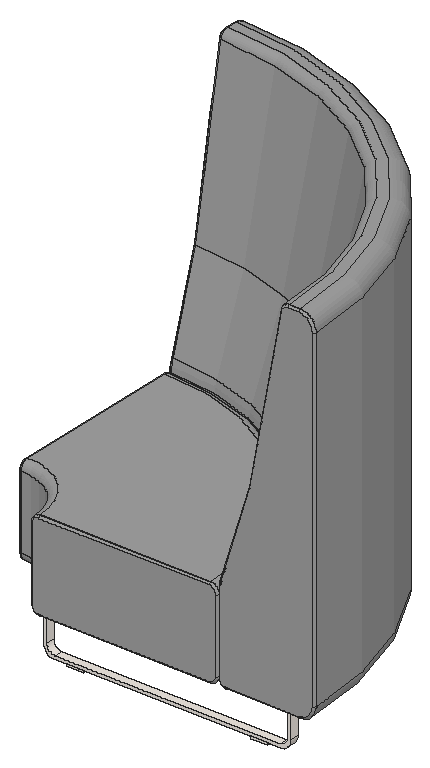
Revit family "Haworth_Riverbend_ConcaveBench90_AP_PRELIMINARY", category Furniture, Revit 2018
Family settings
  OmniClass Number = 23.40.70.14.64.21
  OmniClass Title = Systems Furniture
  Work Plane-Based = No
  Always vertical = Yes
  Cut with Voids When Loaded = No
  Shared = No
  Room Calculation Point = No
Parameters (values of type "1430w x 900d x 390h - High Back")
  Width Straight Edge = if(Small, 860 mm, 900 mm)  # 900 mm
  Warranty = "http://www.haworth.com/resources/product-info/warranties"
  URL - Product = "https://www.haworth.com/ap/en/products/sofas-armchairs/riverbend-pebble.html"
  Trim Finish = Haworth _ Paint _ Plaster
  Symbolic Line Controller = not(No Back)  # yes
  Small = not(Large)  # no
  Seat Upholstery Finish [instance] = Haworth _ Fabric _ Tellure _ Steel 3A-39
  No Back = no
  Mid Back = not(or(No Back, High Back))  # no
  Model = "SERICX90"  # constant formula
  Low = not(High)  # yes
  Large = yes
  High Back = yes
  High = no
  Description = "Haworth - Riverbend - Concave Bench - 90 Degree"  # constant formula
  URL = "https://www.haworth.com/ap/en.html"
  Size = "Verify Final Dim. w/ Haworth"  # constant formula
  Revision Number = "1"  # constant formula
  Manufacturer = "Haworth"  # constant formula
  Back Upholstery Finish [instance] = Haworth _ Fabric _ Tellure _ Steel 3A-39
  Author = "Haworth (Bentzen, Abd Rahman)"  # constant formula
  Assembly Code = "E2020200"
  Actual Width = 1430 mm  # constant formula
  Actual Height = if(Low, 390 mm, 450 mm)  # 390 mm
  Actual Depth = if(Small, 860 mm, 900 mm)  # 900 mm
Reference planes
  plane 1 "Center F/B": through (-202.604, -339.808, 0) normal (-0.7071, -0.7071, 0)
  plane 2 "Bottom": z = 0
  plane 3 "Center L/R": through (55.102, -293.435, 0) normal (0.7071, -0.7071, 0)
  plane 4 "Left": through (-1165.05, -503.938, 1219.2) normal (-0.7071, 0.7071, 0)
  plane 5 "Right": through (1245.903, -115.309, 1219.2) normal (0.7071, -0.7071, 0)
  plane 6 "Frame Back": through (-736.346, 786.631, 1219.2) normal (0.7071, 0.7071, 0)
  plane 7 "Chair Front": through (-1384.552, 177.6, 1219.2) normal (0.7071, 0.7071, 0)
  plane 8 "Top": z = 390
  plane 9 "Top - Bottom of Chamfer Edge": z = 383.65
  plane 10 "Frame Bottom": z = 116.95
  plane 11 "Bottom - Top of Chamfer Edge": z = 117.8
  plane 12 "Leg Bracket - Bottom": z = 177.8
  plane 13 "Leg Bottom - Top of Bottom": z = 15.875
  plane 14 "Foot - Top of Foot": z = 6.35
  plane 15 "Bench Frame - Inner Concave Tangent Edge No 1": y = -692.019
  plane 16 "Bench Frame - Inner Concave Tangent Edge No 2": x = -343.482
  plane 17 "Bench Frame - Outer Concave Tangent Edge No 1": y = 207.981
  plane 18 "Bench Frame - Outer Concave Tangent Edge No 2": x = 556.518
  plane 19 "Bench Frame - Center Side No 1": y = -242.019
  plane 20 "Bench Frame - Center Side No 2": x = 106.518
  plane 21 "Bench Frame - Straight Edge No 2": y = -869.819
  plane 22 "Bench Frame - Straight Edge No 1": x = -521.282
  plane 23 "Left Leg - Back of Leg Bracket": y = 101.334
  plane 24 "Center Leg - Back of Leg Bracket": through (-1397.206, 1382.59, 1219.2) normal (0.7071, 0.7071, 0)
  plane 25 "Right Leg - Back of Leg Bracket": x = 449.871
  plane 26 "Left Leg - Front of Leg Bracket": y = -647.169
  plane 27 "Right Leg - Front of Leg Bracket": x = -298.635
  plane 28 "Center Leg - Front of Leg Bracket": through (-84.793, -414.757, 1219.2) normal (0.7071, 0.7071, 0)
  plane 29: through (-1705.143, 496.713, 1219.2) normal (-0.7071, 0.7071, 0)
  plane 30 "Left - Top of Chamfer Edge": x = -514.932
  plane 31 "Right - Top of Chamfer Edge": y = -863.469
  plane 32 "Leg Left - Left of Leg Bracket": x = -481.694
  plane 33 "Right Left - Right of Leg Bracket": y = -830.231
  plane 34: through (127.455, -155.542, 1219.2) normal (0.7071, 0.7071, 0)
  plane 35: y = 41.009
  plane 36: y = 31.409
  plane 37: y = -19.391
  plane 38: y = 91.809
  plane 39: y = -526.441
  plane 40: y = -577.241
  plane 41: y = -586.841
  plane 42: y = -637.641
  plane 43: through (-77.752, -408.329, 1219.2) normal (-0.7071, -0.7071, 0)
  plane 44: through (-41.831, -372.408, 1219.2) normal (-0.7071, -0.7071, 0)
  plane 45: through (-35.042, -365.619, 1219.2) normal (-0.7071, -0.7071, 0)
  plane 46: through (0.879, -329.698, 1219.2) normal (-0.7071, -0.7071, 0)
  plane 47: through (72.615, -257.962, 1219.2) normal (-0.7071, -0.7071, 0)
  plane 48: through (108.536, -222.041, 1219.2) normal (-0.7071, -0.7071, 0)
  plane 49: through (115.324, -215.253, 1219.2) normal (-0.7071, -0.7071, 0)
  plane 50: x = -289.104
  plane 51: x = -238.304
  plane 52: x = -228.704
  plane 53: x = -177.904
  plane 54: x = 329.146
  plane 55: x = 379.946
  plane 56: x = 389.546
  plane 57: x = 440.346
  plane 58: x = -456.294
  plane 59: y = -804.831
  plane 60: through (157.98, -172.597, 1219.2) normal (-0.7071, 0.7071, 0)
  plane 61: through (175.94, -190.557, 1219.2) normal (-0.7071, 0.7071, 0)
  plane 62: x = -421.369
  plane 63: through (0.825, -415.064, 1219.2) normal (0.7071, -0.7071, 0)
  plane 64: y = -769.906
Lines and regions (mm)
  Masking region 1
    outline origin (0, 0, 390) x (-1, 0, 0) y (0, -1, 0)
      loop
        arc (501.282, 672.019) -> (375.558, 724.096) -> (323.482, 849.819) r 177.8
        line (323.482, 849.819) -> (-576.518, 849.819)
        arc (-576.518, 849.819) -> (-260.195, 88.343) -> (501.282, -227.978) r 1080
        line (501.282, -227.978) -> (501.282, 672.019)
  symbolic lines, style "Haworth", visible <- "Symbolic Line Controller"
    curve 1: arc (-501.282, -97.184, 390) -> (18.815, -322.636, 390) -> (227.16, -849.819, 390) r 740.638
Dimensions and locks
  "Actual Width": plane 4 "Left" to plane 5 "Right"
  locked: plane 8 "Top" to plane 9 "Top - Bottom of Chamfer Edge" at 6.35
  locked: plane 11 "Bottom - Top of Chamfer Edge" to plane 10 "Frame Bottom" at 0.85
  locked: plane 8 "Top" to plane 10 "Frame Bottom" at 273.05
  "Actual Height": plane 8 "Top" to plane 2 "Bottom"
  plane 8 "Top" to plane 2 "Bottom" = 390 mm
  "Width Straight Edge": plane 16 "Bench Frame - Inner Concave Tangent Edge No 2" to plane 18 "Bench Frame - Outer Concave Tangent Edge No 2"
  "Width Straight Edge": plane 17 "Bench Frame - Outer Concave Tangent Edge No 1" to plane 15 "Bench Frame - Inner Concave Tangent Edge No 1"
  equal spacing: plane 17 "Bench Frame - Outer Concave Tangent Edge No 1", plane 19 "Bench Frame - Center Side No 1", plane 15 "Bench Frame - Inner Concave Tangent Edge No 1"
  equal spacing: plane 16 "Bench Frame - Inner Concave Tangent Edge No 2", plane 20 "Bench Frame - Center Side No 2", plane 18 "Bench Frame - Outer Concave Tangent Edge No 2"
  plane 15 "Bench Frame - Inner Concave Tangent Edge No 1" to plane 21 "Bench Frame - Straight Edge No 2" = 177.8 mm
  plane 22 "Bench Frame - Straight Edge No 1" to plane 16 "Bench Frame - Inner Concave Tangent Edge No 2" = 177.8 mm
  plane 22 "Bench Frame - Straight Edge No 1" to plane 30 "Left - Top of Chamfer Edge" = 6.35 mm
  plane 31 "Right - Top of Chamfer Edge" to plane 21 "Bench Frame - Straight Edge No 2" = 6.35 mm
  plane 24 "Center Leg - Back of Leg Bracket" to plane 28 "Center Leg - Front of Leg Bracket" = 342.9 mm
  plane 16 "Bench Frame - Inner Concave Tangent Edge No 2" to plane 18 "Bench Frame - Outer Concave Tangent Edge No 2" = 900 mm
  radius of Masking region 1 sketch curve = 177.8 mm
  aligned and locked: nested 1 to level
  aligned and locked: plane 20 "Bench Frame - Center Side No 2" to nested 1
  aligned and locked: plane 19 "Bench Frame - Center Side No 1" to nested 1
  aligned and locked: plane 11 "Bottom - Top of Chamfer Edge" to nested 2
  aligned and locked: plane 11 "Bottom - Top of Chamfer Edge" to nested 4
  aligned and locked: plane 11 "Bottom - Top of Chamfer Edge" to nested 3
  aligned and locked: plane 20 "Bench Frame - Center Side No 2" to nested 3
  aligned and locked: plane 19 "Bench Frame - Center Side No 1" to nested 3
  aligned and locked: plane 19 "Bench Frame - Center Side No 1" to nested 2
  aligned and locked: plane 20 "Bench Frame - Center Side No 2" to nested 2
  aligned and locked: nested 4 to nested 3
  aligned and locked: plane 11 "Bottom - Top of Chamfer Edge" to nested 1
  aligned and locked: Masking region 1 sketch curve to nested 4
  aligned and locked: nested 3 to Masking region 1 sketch curve  (x2)
  aligned and locked: nested 3 to curve 1  (x2)
Automatic sketch dimensions
  Masking region 1 sketch curve to Masking region 1 sketch curve = 2.198 mm
  plane 17 "Bench Frame - Outer Concave Tangent Edge No 1" to Masking region 1 sketch curve = 19.998 mm
  curve 1 to plane 32 "Leg Left - Left of Leg Bracket" = 31.685 mm
  curve 1 to plane 33 "Right Left - Right of Leg Bracket" = 7.491 mm
  plane 54 to curve 1 = 101.986 mm
Nested families
  nested 1: "Haworth_Riverbend_ConcaveBench90_Base-PART" at (0, 0, 0), Trim Finish <- "Trim Finish", type "Base - PART"
    with Trim Finish Haworth _ Paint _ Plaster, Actual Height 390 mm
  nested 2: "Haworth_Riverbend_ConcaveBench90_Small_Seat-PART" at (20, 20, 0.85), Seat Upholstery Finish <- "Seat Upholstery Finish", Trim Finish <- "Trim Finish", Back Upholstery Finish <- "Back Upholstery Finish", visible <- "Small", type "Small Seat - PART"
    with Seat Upholstery Finish Haworth _ Fabric _ Tellure _ Steel 3A-39, Actual Height 390 mm
  nested 3: "Haworth_Riverbend_ConcaveBench90_Back-PART" at (20, 20, -66.35), Back Upholstery Finish <- "Back Upholstery Finish", type "Back - PART"
    with Back Upholstery Finish Haworth _ Fabric _ Tellure _ Steel 3A-39, Actual Height 390 mm, Actual Depth 900 mm
  nested 4: "Haworth_Riverbend_ConcaveBench90_Large_Seat-PART" at (20, 20, 0.85), visible <- "Large", Trim Finish <- "Trim Finish", Seat Upholstery Finish <- "Seat Upholstery Finish", Back Upholstery Finish <- "Back Upholstery Finish", type "Large Seat - PART"
    with Trim Finish Haworth _ Paint _ Plaster, Seat Upholstery Finish Haworth _ Fabric _ Tellure _ Steel 3A-39, Back Upholstery Finish Haworth _ Fabric _ Tellure _ Steel 3A-39, Symbolic Line Controller yes, No Back no, Mid Back no, Actual Height 390 mm
Definition of nested family "Haworth_Riverbend_ConcaveBench90_Base-PART"
  Parameters (values of type "Base - PART")
    Width Straight Edge = 900 mm
    Warranty = "http://www.haworth.com/resources/product-info/warranties"
    URL - Product = "http://www.haworth.com/products/seating/sofas/riverbend-pebble"
    Trim Finish [instance] = none
    Model = "Haworth - Riverbend"  # constant formula
    Description = "Haworth - Riverbend - Base - PART"  # constant formula
    URL = "http://www.haworth.com"
    Size = "Verify Final Dim. w/ Haworth"  # constant formula
    Revision Number = "1"  # constant formula
    Manufacturer = "Haworth"  # constant formula
    Author = "Haworth (Bentzen, Abd Rahman)"  # constant formula
    Assembly Code = "E2020200"
    Actual Width = 1430 mm  # constant formula
    Actual Height = 450 mm
    Actual Depth = 900 mm
  Reference planes
    plane 1 "Center F/B": through (-202.604, -339.808, 0) normal (-0.7071, -0.7071, 0)
    plane 2 "Bottom": z = 0
    plane 3 "Center L/R": through (55.102, -293.435, 0) normal (0.7071, -0.7071, 0)
    plane 4 "Left": through (-1165.05, -503.938, 1219.2) normal (-0.7071, 0.7071, 0)
    plane 5 "Right": through (1245.903, -115.309, 1219.2) normal (0.7071, -0.7071, 0)
    plane 6 "Frame Back": through (-736.346, 786.631, 1219.2) normal (0.7071, 0.7071, 0)
    plane 7 "Chair Front": through (-1384.552, 177.6, 1219.2) normal (0.7071, 0.7071, 0)
    plane 8 "Top": z = 450
    plane 9 "Frame Bottom": z = 176.95
    plane 10 "Bottom - Top of Chamfer Edge": z = 183.3
    plane 11 "Leg Bracket - Bottom": z = 177.8
    plane 12 "Leg Bottom - Top of Bottom": z = 15.875
    plane 13 "Foot - Top of Foot": z = 6.35
    plane 14 "Bench Frame - Inner Concave Tangent Edge No 1": y = -692.019
    plane 15 "Bench Frame - Inner Concave Tangent Edge No 2": x = -343.482
    plane 16 "Bench Frame - Outer Concave Tangent Edge No 1": y = 207.981
    plane 17 "Bench Frame - Outer Concave Tangent Edge No 2": x = 556.518
    plane 18 "Bench Frame - Center Side No 1": y = -242.019
    plane 19 "Bench Frame - Center Side No 2": x = 106.518
    plane 20 "Bench Frame - Straight Edge No 2": y = -869.819
    plane 21 "Bench Frame - Straight Edge No 1": x = -521.282
    plane 22 "Left Leg - Back of Leg Bracket": y = 101.334
    plane 23 "Center Leg - Back of Leg Bracket": through (-1397.206, 1382.59, 1219.2) normal (0.7071, 0.7071, 0)
    plane 24 "Right Leg - Back of Leg Bracket": x = 449.871
    plane 25 "Left Leg - Front of Leg Bracket": y = -647.169
    plane 26 "Right Leg - Front of Leg Bracket": x = -298.635
    plane 27 "Center Leg - Front of Leg Bracket": through (-84.793, -414.757, 1219.2) normal (0.7071, 0.7071, 0)
    plane 28: through (-1705.143, 496.713, 1219.2) normal (-0.7071, 0.7071, 0)
    plane 29 "Left - Top of Chamfer Edge": x = -514.932
    plane 30 "Right - Top of Chamfer Edge": y = -863.469
    plane 31 "Leg Left - Left of Leg Bracket": x = -481.694
    plane 32 "Right Left - Right of Leg Bracket": y = -830.231
    plane 33: through (127.455, -155.542, 1219.2) normal (0.7071, 0.7071, 0)
    plane 34: y = 41.009
    plane 35: y = 31.409
    plane 36: y = -19.391
    plane 37: y = 91.809
    plane 38: y = -526.441
    plane 39: y = -577.241
    plane 40: y = -586.841
    plane 41: y = -637.641
    plane 42: through (-77.752, -408.329, 1219.2) normal (-0.7071, -0.7071, 0)
    plane 43: through (-41.831, -372.408, 1219.2) normal (-0.7071, -0.7071, 0)
    plane 44: through (-35.042, -365.619, 1219.2) normal (-0.7071, -0.7071, 0)
    plane 45: through (0.879, -329.698, 1219.2) normal (-0.7071, -0.7071, 0)
    plane 46: through (72.615, -257.962, 1219.2) normal (-0.7071, -0.7071, 0)
    plane 47: through (108.536, -222.041, 1219.2) normal (-0.7071, -0.7071, 0)
    plane 48: through (115.324, -215.253, 1219.2) normal (-0.7071, -0.7071, 0)
    plane 49: x = -289.104
    plane 50: x = -238.304
    plane 51: x = -228.704
    plane 52: x = -177.904
    plane 53: x = 329.146
    plane 54: x = 379.946
    plane 55: x = 389.546
    plane 56: x = 440.346
    plane 57: x = -456.294
    plane 58: y = -804.831
    plane 59: through (157.98, -172.597, 1219.2) normal (-0.7071, 0.7071, 0)
    plane 60: through (175.94, -190.557, 1219.2) normal (-0.7071, 0.7071, 0)
    plane 61: x = -421.369
    plane 62: through (0.825, -415.064, 1219.2) normal (0.7071, -0.7071, 0)
    plane 63: y = -769.906
    plane 64: y = 146.181
    plane 65: y = -72.874
    plane 66: y = 146.181
  Forms (mm)
    Extrusion 1, solid, material <- "Trim Finish"
      sketch origin (-569.094, -257.88, 0) x (0, -1, 0) y (0, 0, -1)
        loop
          line (-359.214, -176.95) -> (-349.689, -176.95) -> (-349.689, -41.275)
          arc (-349.689, -41.275) -> (-342.25, -23.314) -> (-324.289, -15.875) r 25.4
          line (-324.289, -15.875) -> (354.361, -15.875)
          arc (354.361, -15.875) -> (372.321, -23.314) -> (379.761, -41.275) r 25.4
          line (379.761, -41.275) -> (379.761, -176.95) -> (389.289, -176.95) -> (389.289, -38.1)
          arc (389.289, -38.1) -> (379.99, -15.649) -> (357.539, -6.35) r 31.75
          line (357.539, -6.35) -> (-327.464, -6.35)
          arc (-327.464, -6.35) -> (-349.915, -15.649) -> (-359.214, -38.1) r 31.75
          line (-359.214, -38.1) -> (-359.214, -176.95)
      from 87.4 to 112.8
    Extrusion 2, solid, material <- "Trim Finish"
      sketch origin (-512.931, 953.569, 457.2) x (1, 0, 0) y (0, 1, 0)
        loop
          line (31.238, -922.16) -> (31.238, -972.96) -> (56.637, -972.96) -> (56.637, -922.16) -> (31.238, -922.16)
      from -457.2 to -450.85
    Extrusion 3, solid, material <- "Trim Finish"
      sketch origin (-512.931, 1011.597, 457.2) x (1, 0, 0) y (0, 1, 0)
        loop
          line (31.238, -1588.838) -> (56.637, -1588.838) -> (56.637, -1538.038) -> (31.238, -1538.038) -> (31.238, -1588.838)
      from -457.2 to -450.85
    Extrusion 4, solid, material <- "Trim Finish"
      sketch origin (-512.931, 953.569, 457.2) x (1, 0, 0) y (0, 1, 0)
        loop
          line (31.238, -852.235) -> (31.238, -912.56) -> (91.562, -912.56) -> (91.562, -852.235) -> (31.238, -852.235)
      from -279.4 to -280.25
    Extrusion 5, solid, material <- "Trim Finish"
      sketch origin (-512.931, 1518.647, 457.2) x (1, 0, 0) y (0, 1, 0)
        loop
          line (31.238, -2165.816) -> (91.562, -2165.816) -> (91.562, -2105.488) -> (31.238, -2105.488) -> (31.238, -2165.816)
      from -279.4 to -280.25
    Extrusion 6, solid, material <- "Trim Finish"
      sketch origin (90.657, -917.631, -0.85) x (-1, 0, 0) y (0, 0, 1)
        loop
          line (-359.214, 177.8) -> (-359.214, 38.95)
          arc (-359.214, 38.95) -> (-349.915, 16.499) -> (-327.464, 7.2) r 31.75
          line (-327.464, 7.2) -> (357.542, 7.2)
          arc (357.542, 7.2) -> (379.993, 16.499) -> (389.292, 38.95) r 31.75
          line (389.292, 38.95) -> (389.292, 177.8) -> (379.761, 177.8) -> (379.761, 42.125)
          arc (379.761, 42.125) -> (372.321, 24.164) -> (354.361, 16.725) r 25.4
          line (354.361, 16.725) -> (-324.289, 16.725)
          arc (-324.289, 16.725) -> (-342.25, 24.164) -> (-349.689, 42.125) r 25.4
          line (-349.689, 42.125) -> (-349.689, 177.8) -> (-359.214, 177.8)
      from 87.4 to 112.8
    Extrusion 7, solid, material <- "Trim Finish"
      sketch origin (1302.106, -861.469, 457.2) x (0, 1, 0) y (-1, 0, 0)
        loop
          line (31.238, 922.16) -> (56.637, 922.16) -> (56.637, 972.96) -> (31.238, 972.96) -> (31.238, 922.16)
      from -457.2 to -450.85
    Extrusion 8, solid, material <- "Trim Finish"
      sketch origin (1360.134, -861.469, 457.2) x (0, 1, 0) y (-1, 0, 0)
        loop
          line (31.238, 1588.838) -> (31.238, 1538.038) -> (56.637, 1538.038) -> (56.637, 1588.838) -> (31.238, 1588.838)
      from -457.2 to -450.85
    Extrusion 9, solid, material <- "Trim Finish"
      sketch origin (1302.106, -861.469, 457.2) x (0, 1, 0) y (-1, 0, 0)
        loop
          line (31.238, 852.235) -> (91.562, 852.235) -> (91.562, 912.56) -> (31.238, 912.56) -> (31.238, 852.235)
      from -279.4 to -280.25
    Extrusion 10, solid, material <- "Trim Finish"
      sketch origin (1867.184, -861.469, 457.2) x (0, 1, 0) y (-1, 0, 0)
        loop
          line (31.238, 2165.819) -> (31.238, 2105.488) -> (91.562, 2105.488) -> (91.562, 2165.819) -> (31.238, 2165.819)
      from -279.4 to -280.25
    Extrusion 11, solid, material <- "Trim Finish"
      sketch origin (128.979, -77.996, 0) x (-0.707107, -0.707107, 0) y (0, 0, -1)
        loop
          line (46.386, -176.95) -> (55.911, -176.95) -> (55.911, -41.275)
          arc (55.911, -41.275) -> (63.35, -23.314) -> (81.311, -15.875) r 25.4
          line (81.311, -15.875) -> (354.361, -15.875)
          arc (354.361, -15.875) -> (372.321, -23.314) -> (379.761, -41.275) r 25.4
          line (379.761, -41.275) -> (379.761, -176.95) -> (389.286, -176.95) -> (389.286, -38.1)
          arc (389.286, -38.1) -> (379.987, -15.649) -> (357.536, -6.35) r 31.75
          line (357.536, -6.35) -> (78.136, -6.35)
          arc (78.136, -6.35) -> (55.685, -15.649) -> (46.386, -38.1) r 31.75
          line (46.386, -38.1) -> (46.386, -176.95)
      from 87.4 to 112.8
    Extrusion 12, solid, material <- "Trim Finish"
      sketch origin (738.513, 452.113, 457.2) x (0.707107, -0.707107, 0) y (0.707107, 0.707107, 0)
        loop
          line (31.238, -922.16) -> (31.238, -972.96) -> (56.637, -972.96) -> (56.637, -922.16) -> (31.238, -922.16)
      from -457.2 to -450.85
    Extrusion 13, solid, material <- "Trim Finish"
      sketch origin (1066.347, 779.947, 457.2) x (0.707107, -0.707107, 0) y (0.707107, 0.707107, 0)
        loop
          line (31.238, -1588.838) -> (56.637, -1588.838) -> (56.637, -1538.038) -> (31.238, -1538.038) -> (31.238, -1588.838)
      from -457.2 to -450.85
    Extrusion 14, solid, material <- "Trim Finish"
      sketch origin (738.513, 452.113, 457.2) x (0.707107, -0.707107, 0) y (0.707107, 0.707107, 0)
        loop
          line (31.238, -852.235) -> (31.238, -912.56) -> (91.562, -912.56) -> (91.562, -852.235) -> (31.238, -852.235)
      from -279.4 to -280.25
    Extrusion 15, solid, material <- "Trim Finish"
      sketch origin (1424.886, 1138.486, 457.2) x (0.707107, -0.707107, 0) y (0.707107, 0.707107, 0)
        loop
          line (31.238, -2165.813) -> (91.562, -2165.813) -> (91.562, -2105.488) -> (31.238, -2105.488) -> (31.238, -2165.813)
      from -279.4 to -280.25
  Lines and regions (mm)
    Masking region 1
      outline origin (0, 0, 450) x (-1, 0, 0) y (0, -1, 0)
        loop
          line (456.294, 612.241) -> (456.294, -66.409) -> (481.694, -66.409) -> (481.694, 612.241) -> (456.294, 612.241)
        loop
          line (10.931, 377.428) -> (-182.145, 184.353) -> (-164.184, 166.392) -> (28.891, 359.468) -> (10.931, 377.428)
        loop
          line (263.704, 830.231) -> (-414.946, 830.231) -> (-414.946, 804.831) -> (263.704, 804.831) -> (263.704, 830.231)
  Dimensions and locks
    "Actual Width": plane 4 "Left" to plane 5 "Right"
    plane 8 "Top" to plane 9 "Frame Bottom" = 273.05 mm
    "Actual Height": plane 8 "Top" to plane 2 "Bottom"
    plane 8 "Top" to plane 2 "Bottom" = 450 mm
    Extrusion 1 sketch curve to Extrusion 1 sketch curve = 9.525 mm  (x2)
    Extrusion 1 sketch curve to Extrusion 1 sketch curve = 9.528 mm
    "Width Straight Edge": plane 15 "Bench Frame - Inner Concave Tangent Edge No 2" to plane 17 "Bench Frame - Outer Concave Tangent Edge No 2"
    "Width Straight Edge": plane 16 "Bench Frame - Outer Concave Tangent Edge No 1" to plane 14 "Bench Frame - Inner Concave Tangent Edge No 1"
    equal spacing: plane 16 "Bench Frame - Outer Concave Tangent Edge No 1", plane 18 "Bench Frame - Center Side No 1", plane 14 "Bench Frame - Inner Concave Tangent Edge No 1"
    equal spacing: plane 15 "Bench Frame - Inner Concave Tangent Edge No 2", plane 19 "Bench Frame - Center Side No 2", plane 17 "Bench Frame - Outer Concave Tangent Edge No 2"
    plane 14 "Bench Frame - Inner Concave Tangent Edge No 1" to plane 20 "Bench Frame - Straight Edge No 2" = 177.8 mm
    plane 21 "Bench Frame - Straight Edge No 1" to plane 15 "Bench Frame - Inner Concave Tangent Edge No 2" = 177.8 mm
    plane 21 "Bench Frame - Straight Edge No 1" to plane 29 "Left - Top of Chamfer Edge" = 6.35 mm
    plane 30 "Right - Top of Chamfer Edge" to plane 20 "Bench Frame - Straight Edge No 2" = 6.35 mm
    Extrusion 6 sketch curve to Extrusion 6 sketch curve = 9.525 mm  (x2)
    Extrusion 6 sketch curve to Extrusion 6 sketch curve = 9.531 mm
    Extrusion 11 sketch curve to Extrusion 11 sketch curve = 9.525 mm  (x3)
    plane 23 "Center Leg - Back of Leg Bracket" to plane 27 "Center Leg - Front of Leg Bracket" = 342.9 mm
    plane 15 "Bench Frame - Inner Concave Tangent Edge No 2" to plane 17 "Bench Frame - Outer Concave Tangent Edge No 2" = 900 mm
    plane 10 "Bottom - Top of Chamfer Edge" to plane 11 "Leg Bracket - Bottom" to plane 9 "Frame Bottom" = 5.5 mm locked, 0.85 mm locked
    aligned and locked: Extrusion 11 to plane 33
    aligned and locked: plane 23 "Center Leg - Back of Leg Bracket" to Extrusion 11  (x2)
    aligned and locked: Extrusion 3 to plane 38
    aligned and locked: Extrusion 1 to Extrusion 3  (x2)
    aligned and locked: plane 39 to Extrusion 3
    aligned and locked: Extrusion 2 to plane 35  (x2)
    aligned and locked: Extrusion 1 to Extrusion 2
    aligned and locked: Extrusion 3 to plane 57  (x2)
    aligned and locked: Extrusion 13 to plane 45
    aligned and locked: plane 59 to Extrusion 13
    aligned and locked: Extrusion 13 to plane 60
    aligned and locked: plane 46 to Extrusion 12
    aligned and locked: Extrusion 12 to plane 47
    aligned and locked: plane 59 to Extrusion 12
    aligned and locked: Extrusion 12 to plane 60
    aligned and locked: plane 53 to Extrusion 7
    aligned and locked: plane 58 to Extrusion 7
    aligned and locked: Extrusion 7 to plane 32 "Right Left - Right of Leg Bracket"
    aligned and locked: Extrusion 7 to plane 54
    aligned and locked: plane 58 to Extrusion 8
    aligned and locked: Extrusion 8 to plane 32 "Right Left - Right of Leg Bracket"
    aligned and locked: plane 51 to Extrusion 8
    aligned and locked: Extrusion 8 to plane 52
    aligned and locked: Extrusion 2 to plane 2 "Bottom"
    aligned and locked: Extrusion 2 to plane 13 "Foot - Top of Foot"
    aligned and locked: plane 2 "Bottom" to Extrusion 12  (x2)
    aligned and locked: plane 13 "Foot - Top of Foot" to Extrusion 12  (x2)
    aligned and locked: plane 2 "Bottom" to Extrusion 13  (x2)
    aligned and locked: plane 13 "Foot - Top of Foot" to Extrusion 13  (x2)
    aligned and locked: Extrusion 3 to plane 2 "Bottom"
    aligned and locked: Extrusion 3 to plane 13 "Foot - Top of Foot"
    aligned and locked: Extrusion 8 to plane 2 "Bottom"
    aligned and locked: Extrusion 8 to plane 13 "Foot - Top of Foot"
    aligned and locked: Extrusion 3 to plane 31 "Leg Left - Left of Leg Bracket"
    aligned and locked: plane 36 to Extrusion 2
    aligned and locked: Extrusion 2 to plane 57
    aligned and locked: Extrusion 2 to plane 31 "Leg Left - Left of Leg Bracket"
    aligned and locked: Extrusion 7 to plane 13 "Foot - Top of Foot"
    aligned and locked: Extrusion 7 to plane 2 "Bottom"
    aligned and locked: plane 13 "Foot - Top of Foot" to Extrusion 1
    aligned and locked: Extrusion 1 to plane 12 "Leg Bottom - Top of Bottom"
    aligned and locked: plane 22 "Left Leg - Back of Leg Bracket" to Extrusion 1
    aligned and locked: plane 37 to Extrusion 1
    aligned and locked: Extrusion 1 to plane 41
    aligned and locked: Extrusion 1 to plane 25 "Left Leg - Front of Leg Bracket"
    aligned and locked: plane 24 "Right Leg - Back of Leg Bracket" to Extrusion 6
    aligned and locked: plane 56 to Extrusion 6
    aligned and locked: Extrusion 6 to plane 12 "Leg Bottom - Top of Bottom"
    aligned and locked: plane 13 "Foot - Top of Foot" to Extrusion 6
    aligned and locked: Extrusion 6 to plane 26 "Right Leg - Front of Leg Bracket"
    aligned and locked: Extrusion 6 to plane 49
    aligned and locked: plane 13 "Foot - Top of Foot" to Extrusion 3
    aligned and locked: Extrusion 11 to plane 12 "Leg Bottom - Top of Bottom"
    aligned and locked: plane 13 "Foot - Top of Foot" to Extrusion 11
    aligned and locked: Extrusion 14 to plane 11 "Leg Bracket - Bottom"  (x5)
    aligned and locked: plane 9 "Frame Bottom" to Extrusion 14  (x5)
    aligned and locked: plane 9 "Frame Bottom" to Extrusion 15  (x3)
    aligned and locked: Extrusion 15 to plane 11 "Leg Bracket - Bottom"  (x3)
    aligned and locked: plane 59 to Extrusion 11
    aligned and locked: Extrusion 11 to plane 60
    aligned and locked: Extrusion 11 to plane 27 "Center Leg - Front of Leg Bracket"
    aligned and locked: Extrusion 11 to plane 42  (x2)
    aligned and locked: plane 33 to Extrusion 11
    aligned and locked: Extrusion 6 to plane 32 "Right Left - Right of Leg Bracket"
    aligned and locked: plane 58 to Extrusion 6
    aligned and locked: plane 31 "Leg Left - Left of Leg Bracket" to Extrusion 4 sketch curve
    aligned and locked: plane 61 to Extrusion 4 sketch curve
    aligned and locked: Extrusion 4 sketch curve to plane 22 "Left Leg - Back of Leg Bracket"
    aligned and locked: Extrusion 4 sketch curve to plane 34
    aligned and locked: Extrusion 5 sketch curve to plane 31 "Leg Left - Left of Leg Bracket"
    aligned and locked: Extrusion 5 sketch curve to plane 61
    aligned and locked: Extrusion 5 sketch curve to plane 40
    aligned and locked: Extrusion 5 sketch curve to plane 25 "Left Leg - Front of Leg Bracket"
    aligned and locked: plane 59 to Extrusion 15 sketch curve
    aligned and locked: plane 62 to Extrusion 15 sketch curve
    aligned and locked: Extrusion 15 sketch curve to plane 43
    aligned and locked: Extrusion 15 sketch curve to plane 27 "Center Leg - Front of Leg Bracket"
    aligned and locked: Extrusion 14 sketch curve to plane 23 "Center Leg - Back of Leg Bracket"
    aligned and locked: Extrusion 14 sketch curve to plane 48
    aligned and locked: Extrusion 14 sketch curve to plane 59
    aligned and locked: Extrusion 14 sketch curve to plane 62
    aligned and locked: plane 26 "Right Leg - Front of Leg Bracket" to Extrusion 10 sketch curve
    aligned and locked: plane 50 to Extrusion 10 sketch curve
    aligned and locked: Extrusion 10 sketch curve to plane 63
    aligned and locked: plane 32 "Right Left - Right of Leg Bracket" to Extrusion 10 sketch curve
    aligned and locked: plane 63 to Extrusion 9 sketch curve
    aligned and locked: Extrusion 9 sketch curve to plane 32 "Right Left - Right of Leg Bracket"
    aligned and locked: plane 55 to Extrusion 9 sketch curve
    aligned and locked: plane 24 "Right Leg - Back of Leg Bracket" to Extrusion 9 sketch curve
    aligned and locked: Extrusion 5 to plane 11 "Leg Bracket - Bottom"  (x3)
    aligned and locked: plane 9 "Frame Bottom" to Extrusion 5  (x3)
    aligned and locked: Extrusion 10 to plane 11 "Leg Bracket - Bottom"  (x3)
    aligned and locked: plane 9 "Frame Bottom" to Extrusion 10  (x4)
    aligned and locked: plane 11 "Leg Bracket - Bottom" to Extrusion 15
    aligned and locked: Extrusion 15 to plane 9 "Frame Bottom"
    aligned and locked: plane 11 "Leg Bracket - Bottom" to Extrusion 14
    aligned and locked: Extrusion 14 to plane 9 "Frame Bottom"
    aligned and locked: Extrusion 9 to plane 11 "Leg Bracket - Bottom"  (x3)
    aligned and locked: plane 9 "Frame Bottom" to Extrusion 9  (x3)
    aligned and locked: Extrusion 4 to plane 11 "Leg Bracket - Bottom"
    aligned and locked: plane 9 "Frame Bottom" to Extrusion 4  (x2)
    aligned and locked: plane 11 "Leg Bracket - Bottom" to Extrusion 5
    aligned and locked: Extrusion 5 to plane 9 "Frame Bottom"
    aligned and locked: plane 9 "Frame Bottom" to Extrusion 1
    aligned and locked: plane 9 "Frame Bottom" to Extrusion 11  (x2)
    aligned and locked: plane 9 "Frame Bottom" to Extrusion 6
    aligned and locked: plane 9 "Frame Bottom" to Extrusion 6 sketch curve
    aligned and locked: plane 49 to Extrusion 6 sketch curve
    aligned and locked: plane 26 "Right Leg - Front of Leg Bracket" to Extrusion 6 sketch curve
    aligned and locked: plane 22 "Left Leg - Back of Leg Bracket" to Extrusion 1 sketch curve
    aligned and locked: plane 37 to Extrusion 1 sketch curve
    aligned and locked: Extrusion 1 sketch curve to plane 9 "Frame Bottom"
  Automatic sketch dimensions
    Extrusion 2 sketch curve to plane 31 "Leg Left - Left of Leg Bracket" = 0 mm
    plane 36 to Extrusion 2 sketch curve = 0 mm
    Extrusion 2 sketch curve to plane 57 = 0 mm
    plane 35 to Extrusion 2 sketch curve = 0 mm
    Extrusion 3 sketch curve to plane 31 "Leg Left - Left of Leg Bracket" = 0 mm
    plane 38 to Extrusion 3 sketch curve = 0 mm
    Extrusion 3 sketch curve to plane 57 = 0 mm
    plane 39 to Extrusion 3 sketch curve = 0 mm
    Extrusion 7 sketch curve to plane 32 "Right Left - Right of Leg Bracket" = 0 mm
    Extrusion 7 sketch curve to plane 53 = 0 mm
    Extrusion 7 sketch curve to plane 58 = 0 mm
    Extrusion 7 sketch curve to plane 54 = 0 mm
    Extrusion 8 sketch curve to plane 32 "Right Left - Right of Leg Bracket" = 0 mm
    Extrusion 8 sketch curve to plane 52 = 0 mm
    Extrusion 8 sketch curve to plane 58 = 0 mm
    Extrusion 8 sketch curve to plane 51 = 0 mm
    Extrusion 11 sketch curve to plane 23 "Center Leg - Back of Leg Bracket" = 0 mm
    plane 13 "Foot - Top of Foot" to Extrusion 11 sketch curve = 0 mm
    Extrusion 11 sketch curve to plane 11 "Leg Bracket - Bottom" = 0.85 mm  (x2)
    Extrusion 11 sketch curve to plane 42 = 0 mm
    Extrusion 11 sketch curve to plane 33 = 22.225 mm
    Extrusion 11 sketch curve to Extrusion 11 sketch curve = 3.175 mm  (x2)
    plane 43 to Extrusion 11 sketch curve = 25.4 mm
    plane 46 to Extrusion 12 sketch curve = 0 mm
    Extrusion 12 sketch curve to plane 59 = 0 mm
    Extrusion 12 sketch curve to plane 60 = 0 mm
    plane 47 to Extrusion 12 sketch curve = 0 mm
    plane 45 to Extrusion 13 sketch curve = 0 mm
    Extrusion 13 sketch curve to plane 59 = 0 mm
    Extrusion 13 sketch curve to plane 60 = 0 mm
    plane 44 to Extrusion 13 sketch curve = 0 mm
    Extrusion 6 sketch curve to plane 9 "Frame Bottom" = 0 mm
    Extrusion 6 sketch curve to plane 24 "Right Leg - Back of Leg Bracket" = 0 mm
    Extrusion 6 sketch curve to plane 13 "Foot - Top of Foot" = 0 mm
    Extrusion 6 sketch curve to plane 12 "Leg Bottom - Top of Bottom" = 22.225 mm
    Extrusion 6 sketch curve to Extrusion 6 sketch curve = 3.175 mm
    plane 50 to Extrusion 6 sketch curve = 25.4 mm
    Extrusion 6 sketch curve to Extrusion 6 sketch curve = 3.181 mm
    plane 13 "Foot - Top of Foot" to Extrusion 1 sketch curve = 0 mm
    Extrusion 1 sketch curve to plane 9 "Frame Bottom" = 0 mm
    Extrusion 1 sketch curve to plane 41 = 0 mm
    Extrusion 1 sketch curve to plane 12 "Leg Bottom - Top of Bottom" = 22.225 mm
    Extrusion 1 sketch curve to Extrusion 1 sketch curve = 3.175 mm
    plane 40 to Extrusion 1 sketch curve = 25.4 mm
    Extrusion 1 sketch curve to Extrusion 1 sketch curve = 3.178 mm
    Masking region 1 sketch curve to plane 57 = 0 mm
    Masking region 1 sketch curve to plane 31 "Leg Left - Left of Leg Bracket" = 0 mm
    plane 37 to Masking region 1 sketch curve = 25.4 mm
    plane 40 to Masking region 1 sketch curve = 25.4 mm
    Masking region 1 sketch curve to plane 60 = 0 mm  (x2)
    Masking region 1 sketch curve to plane 59 = 0 mm
    Masking region 1 sketch curve to plane 18 "Bench Frame - Center Side No 1" = 117.449 mm
    plane 19 "Bench Frame - Center Side No 2" to Masking region 1 sketch curve = 57.666 mm
    Masking region 1 sketch curve to plane 32 "Right Left - Right of Leg Bracket" = 0 mm
    Masking region 1 sketch curve to plane 58 = 0 mm
    plane 56 to Masking region 1 sketch curve = 25.4 mm
    plane 50 to Masking region 1 sketch curve = 25.4 mm
Definition of nested family "Haworth_Riverbend_ConcaveBench90_Small_Seat-PART"
  Parameters (values of type "Small Seat - PART")
    Width Straight Edge = 860 mm  # constant formula
    Warranty = "http://www.haworth.com/resources/product-info/warranties"
    URL - Product = "http://www.haworth.com/products/seating/sofas/riverbend-pebble"
    Trim Finish [instance] = none
    Symbolic Line Controller = not(No Back)  # yes
    Seat Upholstery Finish [instance] = none
    No Back = no
    Mid Back = no
    Model = "Haworth - Riverbend"  # constant formula
    High Back = yes
    Description = "Haworth - Riverbend - Concave Bench 90 Degree - Seat - PART"  # constant formula
    URL = "http://www.haworth.com"
    Size = "Verify Final Dim. w/ Haworth"  # constant formula
    Revision Number = "1"  # constant formula
    Manufacturer = "Haworth"  # constant formula
    Depth = 838.2 mm  # constant formula
    Back Upholstery Finish [instance] = none
    Author = "Haworth (Bentzen, Abd Rahman)"  # constant formula
    Assembly Code = "E2020200"
    Actual Width = 1430 mm  # constant formula
    Actual Height = 450 mm
  Reference planes
    plane 1 "Center F/B": through (-202.604, -339.808, 0) normal (-0.7071, -0.7071, 0)
    plane 2 "Bottom": z = 0
    plane 3 "Center L/R": through (55.102, -293.435, 0) normal (0.7071, -0.7071, 0)
    plane 4 "Left": through (-1165.05, -503.938, 1219.2) normal (-0.7071, 0.7071, 0)
    plane 5 "Right": through (1245.903, -115.309, 1219.2) normal (0.7071, -0.7071, 0)
    plane 6 "Frame Back": through (-736.346, 786.631, 1219.2) normal (0.7071, 0.7071, 0)
    plane 7 "Chair Front": through (-1384.552, 177.6, 1219.2) normal (0.7071, 0.7071, 0)
    plane 8 "Top": z = 450
    plane 9 "Top - Bottom of Chamfer Edge": z = 443.65
    plane 10 "Frame Bottom": z = 176.95
    plane 11 "Bottom - Top of Chamfer Edge": z = 183.3
    plane 12 "Leg Bracket - Bottom": z = 177.8
    plane 13 "Leg Bottom - Top of Bottom": z = 15.875
    plane 14 "Foot - Top of Foot": z = 6.35
    plane 15 "Bench Frame - Inner Concave Tangent Edge No 1": y = -692.019
    plane 16 "Bench Frame - Inner Concave Tangent Edge No 2": x = -343.482
    plane 17 "Bench Frame - Outer Concave Tangent Edge No 1": y = 167.981
    plane 18 "Bench Frame - Outer Concave Tangent Edge No 2": x = 516.518
    plane 19 "Bench Frame - Center Side No 1": y = -262.019
    plane 20 "Bench Frame - Center Side No 2": x = 86.518
    plane 21 "Bench Frame - Straight Edge No 2": y = -869.819
    plane 22 "Bench Frame - Straight Edge No 1": x = -521.282
    plane 23 "Left Leg - Back of Leg Bracket": y = 101.334
    plane 24 "Center Leg - Back of Leg Bracket": through (-1397.206, 1382.59, 1219.2) normal (0.7071, 0.7071, 0)
    plane 25 "Right Leg - Back of Leg Bracket": x = 449.871
    plane 26 "Left Leg - Front of Leg Bracket": y = -647.169
    plane 27 "Right Leg - Front of Leg Bracket": x = -298.635
    plane 28 "Center Leg - Front of Leg Bracket": through (-84.793, -414.757, 1219.2) normal (0.7071, 0.7071, 0)
    plane 29: through (-1705.143, 496.713, 1219.2) normal (-0.7071, 0.7071, 0)
    plane 30 "Left - Top of Chamfer Edge": x = -514.932
    plane 31 "Right - Top of Chamfer Edge": y = -863.469
    plane 32 "Leg Left - Left of Leg Bracket": x = -481.694
    plane 33 "Right Left - Right of Leg Bracket": y = -830.231
    plane 34: through (127.455, -155.542, 1219.2) normal (0.7071, 0.7071, 0)
    plane 35: y = 41.009
    plane 36: y = 31.409
    plane 37: y = -19.391
    plane 38: y = 91.809
    plane 39: y = -526.441
    plane 40: y = -577.241
    plane 41: y = -586.841
    plane 42: y = -637.641
    plane 43: through (-77.752, -408.329, 1219.2) normal (-0.7071, -0.7071, 0)
    plane 44: through (-41.831, -372.408, 1219.2) normal (-0.7071, -0.7071, 0)
    plane 45: through (-35.042, -365.619, 1219.2) normal (-0.7071, -0.7071, 0)
    plane 46: through (0.879, -329.698, 1219.2) normal (-0.7071, -0.7071, 0)
    plane 47: through (72.615, -257.962, 1219.2) normal (-0.7071, -0.7071, 0)
    plane 48: through (108.536, -222.041, 1219.2) normal (-0.7071, -0.7071, 0)
    plane 49: through (115.324, -215.253, 1219.2) normal (-0.7071, -0.7071, 0)
    plane 50: x = -289.104
    plane 51: x = -238.304
    plane 52: x = -228.704
    plane 53: x = -177.904
    plane 54: x = 329.146
    plane 55: x = 379.946
    plane 56: x = 389.546
    plane 57: x = 440.346
    plane 58: x = -456.294
    plane 59: y = -804.831
    plane 60: through (157.98, -172.597, 1219.2) normal (-0.7071, 0.7071, 0)
    plane 61: through (175.94, -190.557, 1219.2) normal (-0.7071, 0.7071, 0)
    plane 62: x = -421.369
    plane 63: through (0.825, -415.064, 1219.2) normal (0.7071, -0.7071, 0)
    plane 64: y = -769.906
    plane 65: y = 146.181
    plane 66: y = -72.874
    plane 67: y = 146.181
  Forms (mm)
    Blend 1, solid, material <- "Seat Upholstery Finish", visible <- "No Back"
      base sketch origin (104.632, -869.819, 0) x (1, 0, 0) y (0, 0, 1)
        loop
          arc (-422.714, 443.65) -> (-436.184, 438.07) -> (-441.764, 424.6) r 19.05
          line (-441.764, 424.6) -> (-441.764, 202.35)
          arc (-441.764, 202.35) -> (-436.184, 188.88) -> (-422.714, 183.3) r 19.05
          line (-422.714, 183.3) -> (364.686, 183.3)
          arc (364.686, 183.3) -> (393.571, 195.265) -> (405.536, 224.15) r 40.85
          line (405.536, 224.15) -> (405.536, 402.8)
          arc (405.536, 402.8) -> (393.571, 431.685) -> (364.686, 443.65) r 40.85
          line (364.686, 443.65) -> (-422.714, 443.65)
      top sketch origin (104.632, -869.819, 0) x (1, 0, 0) y (0, 0, 1)
        loop
          arc (-422.714, 450) -> (-440.675, 442.561) -> (-448.114, 424.6) r 25.4
          line (-448.114, 424.6) -> (-448.114, 202.35)
          arc (-448.114, 202.35) -> (-440.675, 184.389) -> (-422.714, 176.95) r 25.4
          line (-422.714, 176.95) -> (364.686, 176.95)
          arc (364.686, 176.95) -> (398.061, 190.775) -> (411.886, 224.15) r 47.2
          line (411.886, 224.15) -> (411.886, 402.8)
          arc (411.886, 402.8) -> (398.061, 436.175) -> (364.686, 450) r 47.2
          line (364.686, 450) -> (-422.714, 450)
      from 0 to -6.35
    Revolve 2, solid, material <- "Seat Upholstery Finish", visible <- "No Back"
      sketch origin (-2381.25, -863.469, 0) x (-1, 0, 0) y (0, 0, 1)
        loop
          arc (-2037.768, 424.6) -> (-2045.207, 442.561) -> (-2063.168, 450) r 25.4
          line (-2063.168, 450) -> (-2850.568, 450)
          arc (-2850.568, 450) -> (-2883.943, 436.175) -> (-2897.768, 402.8) r 47.2
          line (-2897.768, 402.8) -> (-2897.768, 224.15)
          arc (-2897.768, 224.15) -> (-2883.943, 190.775) -> (-2850.568, 176.95) r 47.2
          line (-2850.568, 176.95) -> (-2063.168, 176.95)
          arc (-2063.168, 176.95) -> (-2045.207, 184.389) -> (-2037.768, 202.35) r 25.4
          line (-2037.768, 202.35) -> (-2037.768, 424.6)
        axis (-1866.318, 450) -> (-1866.318, 176.95)
      angle from 270 to 360
    Blend 3, solid, material <- "Seat Upholstery Finish", visible <- "Symbolic Line Controller"
      base sketch origin (-521.282, -572.949, 0) x (0, -1, 0) y (0, 0, 1)
        loop
          arc (-422.714, 443.65) -> (-436.184, 438.07) -> (-441.764, 424.6) r 19.05
          line (-441.764, 424.6) -> (-441.764, 202.35)
          arc (-441.764, 202.35) -> (-436.184, 188.88) -> (-422.714, 183.3) r 19.05
          line (-422.714, 183.3) -> (93.67, 183.3)
          arc (93.67, 183.3) -> (107.14, 188.88) -> (112.72, 202.35) r 19.05
          line (112.72, 202.35) -> (112.72, 424.6)
          arc (112.72, 424.6) -> (107.14, 438.07) -> (93.67, 443.65) r 19.05
          line (93.67, 443.65) -> (-422.714, 443.65)
      top sketch origin (-521.282, -572.949, 0) x (0, -1, 0) y (0, 0, 1)
        loop
          arc (-422.714, 450) -> (-440.675, 442.561) -> (-448.114, 424.6) r 25.4
          line (-448.114, 424.6) -> (-448.114, 202.35)
          arc (-448.114, 202.35) -> (-440.675, 184.389) -> (-422.714, 176.95) r 25.4
          line (-422.714, 176.95) -> (93.67, 176.95)
          arc (93.67, 176.95) -> (111.63, 184.389) -> (119.07, 202.35) r 25.4
          line (119.07, 202.35) -> (119.07, 424.6)
          arc (119.07, 424.6) -> (111.63, 442.561) -> (93.67, 450) r 25.4
          line (93.67, 450) -> (-422.714, 450)
      from 0 to -6.35
    Revolve 4, solid, material <- "Seat Upholstery Finish", visible <- "Symbolic Line Controller"
      sketch origin (-2381.25, -863.469, 0) x (-1, 0, 0) y (0, 0, 1)
        loop
          arc (-2037.768, 424.6) -> (-2045.207, 442.561) -> (-2063.168, 450) r 25.4
          line (-2063.168, 450) -> (-2579.552, 450)
          arc (-2579.552, 450) -> (-2597.512, 442.561) -> (-2604.952, 424.6) r 25.4
          line (-2604.952, 424.6) -> (-2604.952, 202.35)
          arc (-2604.952, 202.35) -> (-2597.512, 184.389) -> (-2579.552, 176.95) r 25.4
          line (-2579.552, 176.95) -> (-2063.168, 176.95)
          arc (-2063.168, 176.95) -> (-2045.207, 184.389) -> (-2037.768, 202.35) r 25.4
          line (-2037.768, 202.35) -> (-2037.768, 424.6)
        axis (-1866.318, 450) -> (-1866.318, 176.95)
      angle from 270 to 360
    Blend 5, solid, material <- "Seat Upholstery Finish", visible <- "No Back"
      base sketch origin (-521.282, -243.905, 0) x (0, 1, 0) y (0, 0, -1)
        loop
          line (-422.714, -443.65) -> (364.686, -443.65)
          arc (364.686, -443.65) -> (393.571, -431.685) -> (405.536, -402.8) r 40.85
          line (405.536, -402.8) -> (405.536, -224.15)
          arc (405.536, -224.15) -> (393.571, -195.265) -> (364.686, -183.3) r 40.85
          line (364.686, -183.3) -> (-422.714, -183.3)
          arc (-422.714, -183.3) -> (-436.184, -188.88) -> (-441.764, -202.35) r 19.05
          line (-441.764, -202.35) -> (-441.764, -424.6)
          arc (-441.764, -424.6) -> (-436.184, -438.07) -> (-422.714, -443.65) r 19.05
      top sketch origin (-521.282, -243.905, 0) x (0, 1, 0) y (0, 0, -1)
        loop
          line (-422.714, -450) -> (364.686, -450)
          arc (364.686, -450) -> (398.061, -436.175) -> (411.886, -402.8) r 47.2
          line (411.886, -402.8) -> (411.886, -224.15)
          arc (411.886, -224.15) -> (398.061, -190.775) -> (364.686, -176.95) r 47.2
          line (364.686, -176.95) -> (-422.714, -176.95)
          arc (-422.714, -176.95) -> (-440.675, -184.389) -> (-448.114, -202.35) r 25.4
          line (-448.114, -202.35) -> (-448.114, -424.6)
          arc (-448.114, -424.6) -> (-440.675, -442.561) -> (-422.714, -450) r 25.4
      from 0 to -6.35
    Blend 6, solid, material <- "Seat Upholstery Finish", visible <- "Symbolic Line Controller"
      base sketch origin (-224.412, -869.819, 0) x (-1, 0, 0) y (0, 0, -1)
        loop
          line (-422.714, -443.65) -> (93.67, -443.65)
          arc (93.67, -443.65) -> (107.14, -438.07) -> (112.72, -424.6) r 19.05
          line (112.72, -424.6) -> (112.72, -202.35)
          arc (112.72, -202.35) -> (107.14, -188.88) -> (93.67, -183.3) r 19.05
          line (93.67, -183.3) -> (-422.714, -183.3)
          arc (-422.714, -183.3) -> (-436.184, -188.88) -> (-441.764, -202.35) r 19.05
          line (-441.764, -202.35) -> (-441.764, -424.6)
          arc (-441.764, -424.6) -> (-436.184, -438.07) -> (-422.714, -443.65) r 19.05
      top sketch origin (-224.412, -869.819, 0) x (-1, 0, 0) y (0, 0, -1)
        loop
          line (-422.714, -450) -> (93.67, -450)
          arc (93.67, -450) -> (111.63, -442.561) -> (119.07, -424.6) r 25.4
          line (119.07, -424.6) -> (119.07, -202.35)
          arc (119.07, -202.35) -> (111.63, -184.389) -> (93.67, -176.95) r 25.4
          line (93.67, -176.95) -> (-422.714, -176.95)
          arc (-422.714, -176.95) -> (-440.675, -184.389) -> (-448.114, -202.35) r 25.4
          line (-448.114, -202.35) -> (-448.114, -424.6)
          arc (-448.114, -424.6) -> (-440.675, -442.561) -> (-422.714, -450) r 25.4
      from 0 to -6.35
  Lines and regions (mm)
    Masking region 1
      outline origin (0, 0, 450) x (-1, 0, 0) y (0, -1, 0)
        loop
          line (521.282, -139.831) -> (521.282, 685.669) -> (496.157, 710.794)
          arc (496.157, 710.794) -> (401.475, 750.013) -> (362.257, 844.695) r 133.901
          line (362.257, 844.695) -> (337.132, 869.819) -> (-491.393, 869.819) -> (-516.518, 844.695)
          arc (-516.518, 844.695) -> (-219.912, 128.625) -> (496.157, -167.981) r 1012.675
          line (496.157, -167.981) -> (521.282, -139.831)
    symbolic lines, visible <- "Symbolic Line Controller", detail levels medium+fine
      curve 1: arc (223.702, -863.469, 450) -> (7.361, -341.176, 450) -> (-514.932, -124.835, 450) r 738.634
  Dimensions and locks
    "Actual Width": plane 4 "Left" to plane 5 "Right"
    locked: plane 8 "Top" to plane 9 "Top - Bottom of Chamfer Edge" at 6.35
    locked: plane 11 "Bottom - Top of Chamfer Edge" to plane 10 "Frame Bottom" at 6.35
    plane 8 "Top" to plane 10 "Frame Bottom" = 273.05 mm
    "Actual Height": plane 8 "Top" to plane 2 "Bottom"
    plane 8 "Top" to plane 2 "Bottom" = 450 mm
    "Width Straight Edge": plane 16 "Bench Frame - Inner Concave Tangent Edge No 2" to plane 18 "Bench Frame - Outer Concave Tangent Edge No 2"
    "Width Straight Edge": plane 17 "Bench Frame - Outer Concave Tangent Edge No 1" to plane 15 "Bench Frame - Inner Concave Tangent Edge No 1"
    equal spacing: plane 17 "Bench Frame - Outer Concave Tangent Edge No 1", plane 19 "Bench Frame - Center Side No 1", plane 15 "Bench Frame - Inner Concave Tangent Edge No 1"
    equal spacing: plane 16 "Bench Frame - Inner Concave Tangent Edge No 2", plane 20 "Bench Frame - Center Side No 2", plane 18 "Bench Frame - Outer Concave Tangent Edge No 2"
    plane 15 "Bench Frame - Inner Concave Tangent Edge No 1" to plane 21 "Bench Frame - Straight Edge No 2" = 177.8 mm
    plane 22 "Bench Frame - Straight Edge No 1" to plane 16 "Bench Frame - Inner Concave Tangent Edge No 2" = 177.8 mm
    plane 22 "Bench Frame - Straight Edge No 1" to plane 30 "Left - Top of Chamfer Edge" = 6.35 mm
    plane 31 "Right - Top of Chamfer Edge" to plane 21 "Bench Frame - Straight Edge No 2" = 6.35 mm
    plane 24 "Center Leg - Back of Leg Bracket" to plane 28 "Center Leg - Front of Leg Bracket" = 342.9 mm
    plane 16 "Bench Frame - Inner Concave Tangent Edge No 2" to plane 18 "Bench Frame - Outer Concave Tangent Edge No 2" = 860 mm
    aligned and locked: Blend 1 to plane 21 "Bench Frame - Straight Edge No 2"
    aligned and locked: plane 31 "Right - Top of Chamfer Edge" to Revolve 2  (x2)
    aligned and locked: Revolve 2 to plane 30 "Left - Top of Chamfer Edge"
    aligned and locked: plane 30 "Left - Top of Chamfer Edge" to Revolve 2
    aligned and locked: plane 31 "Right - Top of Chamfer Edge" to Blend 1
    aligned and locked: Revolve 2 to plane 8 "Top"
    aligned and locked: Revolve 2 to plane 10 "Frame Bottom"
  Automatic sketch dimensions
    curve 1 to plane 31 "Right - Top of Chamfer Edge" = 0 mm
    curve 1 to plane 30 "Left - Top of Chamfer Edge" = 0 mm
    plane 54 to curve 1 = 105.444 mm
    Blend 1 sketch curve to plane 11 "Bottom - Top of Chamfer Edge" = 0 mm
    Blend 1 sketch curve to plane 9 "Top - Bottom of Chamfer Edge" = 0 mm
    plane 16 "Bench Frame - Inner Concave Tangent Edge No 2" to Blend 1 sketch curve = 6.35 mm
    Blend 1 sketch curve to plane 27 "Right Leg - Front of Leg Bracket" = 19.447 mm  (x2)
    Blend 1 sketch curve to plane 9 "Top - Bottom of Chamfer Edge" = 19.05 mm  (x2)
    plane 25 "Right Leg - Back of Leg Bracket" to Blend 1 sketch curve = 19.447 mm  (x4)
    Blend 1 sketch curve to plane 18 "Bench Frame - Outer Concave Tangent Edge No 2" = 6.35 mm
    Blend 1 sketch curve to plane 16 "Bench Frame - Inner Concave Tangent Edge No 2" = 0 mm
    Blend 1 sketch curve to plane 10 "Frame Bottom" = 0 mm
    Blend 1 sketch curve to plane 8 "Top" = 0 mm
    Blend 1 sketch curve to plane 18 "Bench Frame - Outer Concave Tangent Edge No 2" = 0 mm
    Revolve 2 sketch curve to plane 18 "Bench Frame - Outer Concave Tangent Edge No 2" = 0 mm
    Revolve 2 sketch curve to plane 8 "Top" = 0 mm
    Revolve 2 sketch curve to plane 10 "Frame Bottom" = 0 mm
    Revolve 2 sketch curve to plane 16 "Bench Frame - Inner Concave Tangent Edge No 2" = 0 mm
    Revolve 2 sketch curve to plane 30 "Left - Top of Chamfer Edge" = 0 mm
    plane 25 "Right Leg - Back of Leg Bracket" to Revolve 2 sketch curve = 19.447 mm  (x2)
    Revolve 2 sketch curve to plane 27 "Right Leg - Front of Leg Bracket" = 19.447 mm  (x2)
    Revolve 2 sketch curve to plane 12 "Leg Bracket - Bottom" = 57.44 mm
    plane 8 "Top" to Revolve 2 sketch curve = 117.263 mm
    Masking region 1 sketch curve to Masking region 1 sketch curve = 0 mm  (x2)
    plane 5 "Right" to Masking region 1 sketch curve = 0 mm  (x2)
    Masking region 1 sketch curve to plane 18 "Bench Frame - Outer Concave Tangent Edge No 2" = 0 mm
    Masking region 1 sketch curve to plane 21 "Bench Frame - Straight Edge No 2" = 0 mm
    Masking region 1 sketch curve to plane 7 "Chair Front" = 0 mm  (x3)
    plane 3 "Center L/R" to Masking region 1 sketch curve = 0 mm
    Masking region 1 sketch curve to plane 22 "Bench Frame - Straight Edge No 1" = 0 mm
    Masking region 1 sketch curve to plane 4 "Left" = 0 mm
    Blend 3 sketch curve to plane 9 "Top - Bottom of Chamfer Edge" = 0 mm
    Blend 3 sketch curve to plane 11 "Bottom - Top of Chamfer Edge" = 0 mm
    plane 11 "Bottom - Top of Chamfer Edge" to Blend 3 sketch curve = 19.05 mm  (x3)
    Blend 3 sketch curve to plane 66 = 58.311 mm
    Blend 3 sketch curve to Blend 3 sketch curve = 19.05 mm
    Blend 3 sketch curve to plane 26 "Left Leg - Front of Leg Bracket" = 19.45 mm  (x2)
    plane 15 "Bench Frame - Inner Concave Tangent Edge No 1" to Blend 3 sketch curve = 6.35 mm
    Blend 3 sketch curve to plane 10 "Frame Bottom" = 0 mm
    Blend 3 sketch curve to plane 8 "Top" = 0 mm
    Blend 3 sketch curve to plane 15 "Bench Frame - Inner Concave Tangent Edge No 1" = 0 mm
    Blend 3 sketch curve to plane 9 "Top - Bottom of Chamfer Edge" = 19.05 mm
    Blend 3 sketch curve to plane 66 = 77.361 mm  (x2)
    Revolve 4 sketch curve to plane 8 "Top" = 0 mm
    Revolve 4 sketch curve to plane 10 "Frame Bottom" = 0 mm
    Revolve 4 sketch curve to plane 16 "Bench Frame - Inner Concave Tangent Edge No 2" = 0 mm
    Revolve 4 sketch curve to plane 30 "Left - Top of Chamfer Edge" = 0 mm
    plane 11 "Bottom - Top of Chamfer Edge" to Revolve 4 sketch curve = 19.05 mm  (x2)
    Revolve 4 sketch curve to plane 9 "Top - Bottom of Chamfer Edge" = 19.05 mm  (x2)
    plane 20 "Bench Frame - Center Side No 2" to Revolve 4 sketch curve = 111.784 mm
    Revolve 4 sketch curve to plane 12 "Leg Bracket - Bottom" = 57.44 mm
    plane 8 "Top" to Revolve 4 sketch curve = 117.263 mm
    Blend 5 sketch curve to plane 11 "Bottom - Top of Chamfer Edge" = 0 mm
    Blend 5 sketch curve to plane 9 "Top - Bottom of Chamfer Edge" = 0 mm
    plane 15 "Bench Frame - Inner Concave Tangent Edge No 1" to Blend 5 sketch curve = 6.35 mm
    Blend 5 sketch curve to plane 26 "Left Leg - Front of Leg Bracket" = 19.45 mm  (x2)
    Blend 5 sketch curve to Blend 5 sketch curve = 19.05 mm
    plane 23 "Left Leg - Back of Leg Bracket" to Blend 5 sketch curve = 19.447 mm  (x4)
    Blend 5 sketch curve to plane 17 "Bench Frame - Outer Concave Tangent Edge No 1" = 6.35 mm
    Blend 5 sketch curve to plane 15 "Bench Frame - Inner Concave Tangent Edge No 1" = 0 mm
    Blend 5 sketch curve to plane 10 "Frame Bottom" = 0 mm
    Blend 5 sketch curve to plane 8 "Top" = 0 mm
    Blend 5 sketch curve to plane 17 "Bench Frame - Outer Concave Tangent Edge No 1" = 0 mm
    Blend 5 sketch curve to plane 9 "Top - Bottom of Chamfer Edge" = 19.05 mm
    Blend 6 sketch curve to plane 9 "Top - Bottom of Chamfer Edge" = 0 mm
    Blend 6 sketch curve to plane 11 "Bottom - Top of Chamfer Edge" = 0 mm
    plane 11 "Bottom - Top of Chamfer Edge" to Blend 6 sketch curve = 19.05 mm  (x3)
    plane 54 to Blend 6 sketch curve = 111.794 mm
    Blend 6 sketch curve to plane 9 "Top - Bottom of Chamfer Edge" = 19.05 mm  (x2)
    Blend 6 sketch curve to plane 27 "Right Leg - Front of Leg Bracket" = 19.447 mm  (x2)
    plane 16 "Bench Frame - Inner Concave Tangent Edge No 2" to Blend 6 sketch curve = 6.35 mm
    Blend 6 sketch curve to plane 10 "Frame Bottom" = 0 mm
    Blend 6 sketch curve to plane 8 "Top" = 0 mm
    Blend 6 sketch curve to plane 16 "Bench Frame - Inner Concave Tangent Edge No 2" = 0 mm
    plane 20 "Bench Frame - Center Side No 2" to Blend 6 sketch curve = 111.784 mm  (x2)
Definition of nested family "Haworth_Riverbend_ConcaveBench90_Back-PART"
  Parameters (values of type "Back - PART")
    Width Straight Edge = 860 mm  # constant formula
    Warranty = "http://www.haworth.com/resources/product-info/warranties"
    URL - Product = "http://www.haworth.com/products/seating/sofas/riverbend-pebble"
    Symbolic Line Controller = not(No Back)  # yes
    No Back = no
    Mid Back = no
    Model = "Haworth - Riverbend"  # constant formula
    High Back = yes
    Description = "Haworth - Riverbend - Back - PART"  # constant formula
    URL = "http://www.haworth.com"
    Size = "Verify Final Dim. w/ Haworth"  # constant formula
    Revision Number = "1"  # constant formula
    Manufacturer = "Haworth"  # constant formula
    Back Upholstery Finish [instance] = none
    Author = "Haworth (Bentzen, Abd Rahman)"  # constant formula
    Assembly Code = "E2020200"
    Actual Width = 1430 mm  # constant formula
    Actual Height = 457.2 mm
    Actual Depth = 860 mm
  Reference planes
    plane 1 "Center F/B": through (-202.604, -339.808, 0) normal (-0.7071, -0.7071, 0)
    plane 2 "Bottom": z = 0
    plane 3 "Center L/R": through (55.102, -293.435, 0) normal (0.7071, -0.7071, 0)
    plane 4 "Left": through (-1165.05, -503.938, 1219.2) normal (-0.7071, 0.7071, 0)
    plane 5 "Right": through (1245.903, -115.309, 1219.2) normal (0.7071, -0.7071, 0)
    plane 6 "Frame Back": through (-736.346, 786.631, 1219.2) normal (0.7071, 0.7071, 0)
    plane 7 "Chair Front": through (-1384.552, 177.6, 1219.2) normal (0.7071, 0.7071, 0)
    plane 8 "Top": z = 457.2
    plane 9 "Top - Bottom of Chamfer Edge": z = 450.85
    plane 10 "Frame Bottom": z = 184.15
    plane 11 "Bottom - Top of Chamfer Edge": z = 190.5
    plane 12 "Leg Bracket - Bottom": z = 177.8
    plane 13 "Leg Bottom - Top of Bottom": z = 15.875
    plane 14 "Foot - Top of Foot": z = 6.35
    plane 15 "Bench Frame - Inner Concave Tangent Edge No 1": y = -692.019
    plane 16 "Bench Frame - Inner Concave Tangent Edge No 2": x = -343.482
    plane 17 "Bench Frame - Outer Concave Tangent Edge No 1": y = 167.981
    plane 18 "Bench Frame - Outer Concave Tangent Edge No 2": x = 516.518
    plane 19 "Bench Frame - Center Side No 1": y = -262.019
    plane 20 "Bench Frame - Center Side No 2": x = 86.518
    plane 21 "Bench Frame - Straight Edge No 2": y = -869.819
    plane 22 "Bench Frame - Straight Edge No 1": x = -521.282
    plane 23 "Left Leg - Back of Leg Bracket": y = 101.334
    plane 24 "Center Leg - Back of Leg Bracket": through (-1397.206, 1382.59, 1219.2) normal (0.7071, 0.7071, 0)
    plane 25 "Right Leg - Back of Leg Bracket": x = 449.871
    plane 26 "Left Leg - Front of Leg Bracket": y = -647.169
    plane 27 "Right Leg - Front of Leg Bracket": x = -298.635
    plane 28 "Center Leg - Front of Leg Bracket": through (-84.793, -414.757, 1219.2) normal (0.7071, 0.7071, 0)
    plane 29: through (-1705.143, 496.713, 1219.2) normal (-0.7071, 0.7071, 0)
    plane 30 "Left - Top of Chamfer Edge": x = -514.932
    plane 31 "Right - Top of Chamfer Edge": y = -863.469
    plane 32 "Leg Left - Left of Leg Bracket": x = -481.694
    plane 33 "Right Left - Right of Leg Bracket": y = -830.231
    plane 34: through (127.455, -155.542, 1219.2) normal (0.7071, 0.7071, 0)
    plane 35: y = 41.009
    plane 36: y = 31.409
    plane 37: y = -19.391
    plane 38: y = 91.809
    plane 39: y = -526.441
    plane 40: y = -577.241
    plane 41: y = -586.841
    plane 42: y = -637.641
    plane 43: through (-77.752, -408.329, 1219.2) normal (-0.7071, -0.7071, 0)
    plane 44: through (-41.831, -372.408, 1219.2) normal (-0.7071, -0.7071, 0)
    plane 45: through (-35.042, -365.619, 1219.2) normal (-0.7071, -0.7071, 0)
    plane 46: through (0.879, -329.698, 1219.2) normal (-0.7071, -0.7071, 0)
    plane 47: through (72.615, -257.962, 1219.2) normal (-0.7071, -0.7071, 0)
    plane 48: through (108.536, -222.041, 1219.2) normal (-0.7071, -0.7071, 0)
    plane 49: through (115.324, -215.253, 1219.2) normal (-0.7071, -0.7071, 0)
    plane 50: x = -289.104
    plane 51: x = -238.304
    plane 52: x = -228.704
    plane 53: x = -177.904
    plane 54: x = 329.146
    plane 55: x = 379.946
    plane 56: x = 389.546
    plane 57: x = 440.346
    plane 58: x = -456.294
    plane 59: y = -804.831
    plane 60: through (157.98, -172.597, 1219.2) normal (-0.7071, 0.7071, 0)
    plane 61: through (175.94, -190.557, 1219.2) normal (-0.7071, 0.7071, 0)
    plane 62: x = -421.369
    plane 63: through (0.825, -415.064, 1219.2) normal (0.7071, -0.7071, 0)
